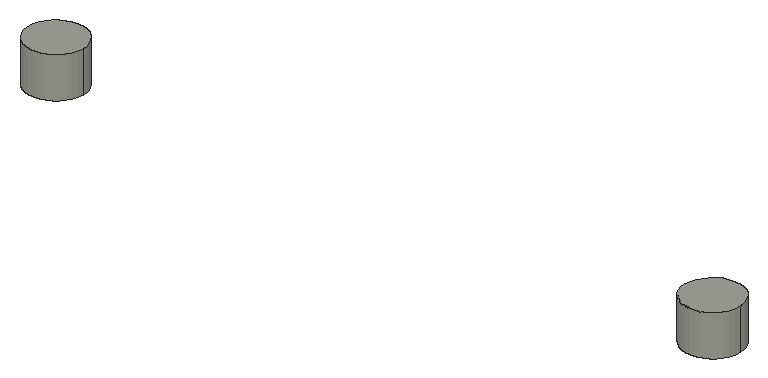
Revit family "Deca_Assento poliéster com protekto_Monte Carlo_AP.81", category Plumbing Fixtures, host Face, Revit 2019
Family settings
  Host = Face
  Round Connector Dimension = Use Diameter
  Part Type = Normal
  Cut with Voids When Loaded = No
  Shared = No
  Room Calculation Point = No
Parameters (values of type "AP.81.17_Branco")
  Vazão na Pressão mín. (L/min) = "-"
  Vazão na Pressão máx. (L/min) = "-"
  URL = "www.deca.com.br"
  Tipo de rosca de saída = "-"
  Tipo de rosca de entrada = "-"
  Tipo de mecanismo utilizado = "-"
  Tipo de dispositivo economizador = "-"
  Segmento = "Banheiro Médio"
  Saída de Esgoto = "-"
  Pressão mín. funcionamento = "-"
  Pressão mín. Aquec. Passagem = "-"
  Pressão mín. Aquec. Acúmulo = "-"
  Pressão máx. funcionamento = "-"
  Peso Líquido (Kg) = 3.8
  Norma = "NBR-16729"
  Model = "AP.81.17"
  Material Secundário = Deca_Ligas de Cobre (Bronze e Latão)
  Material = Deca_Plástico - Branco
  Manufacturer = "Deca"
  Linha = "Assento Poliéster Médio"
  Itens de Instalação = "-"
  Informações Complementares = "-"
  Description = "Assento poliéster com Protekto"
  Default Elevation = 0.00 m
  Código Pai = "AP.81"
  Criado por = "quattroD"
  Cores Componente = "Cromado"
  Cor Secundária = "-"
  Cor Principal = "Branco"
  Cor Interna = "-"
  Consumo = "-"
  Composição Componente = "Não Possui"
  Composição Básica = "Resina Poliéster"
  Composição Assento = "-"
  Composição Anel Vedação = "-"
  Categoria = "ASSENTOS"
  Atendimento ao Cliente = "0800-0117073"
  Aprovado por = "quattroD"
  Acompanha o Produto = "FIXAÇÃO ASSENTO  (FERRAGEM C/AMORTECEDOR )"
Types (3, lengths in m): name | Model | Material | Cor Principal
  AP.81.17_Branco | "AP.81.17" | Deca_Plástico - Branco | "Branco"
  AP.81.37_Creme | "AP.81.37" | Deca_Plástico - Creme | "Creme"
  AP.81.95_Ébano | "AP.81.95" | Deca_Plástico - Ébano | "Ébano"
Reference planes (m)
  plane 1 "Center (Front/Back)": y = 0
  plane 2: z = 0
  plane 3 "Center (Left/Right)": x = 0
Forms (m)
  Extrusion 1, solid, material "Deca_Plástico - Branco" <- "Material"
    sketch origin (0, 0, 0) x (1, 0, 0) y (0, 1, 0)
      loop
        circle (-0.076535, 0) r 0.006464
      loop
        circle (0.076442, 0) r 0.006477
    from 0.009611 to -0.000002
Lines and regions (m)
  Masking region 1
    outline origin (0, 0, 0) x (1, 0, 0) y (0, 1, 0)
      loop
        arc (0.134064, -0.378473) -> (0.169898, -0.241624) -> (0.17492, -0.10025) r 0.642597
        arc (0.17492, -0.10025) -> (0.15403, -0.057923) -> (0.10992, -0.041119) r 0.06457
        line (0.10992, -0.041119) -> (0.096776, -0.041119) -> (0.096776, -0.019523) -> (0.082824, -0.019523) -> (0.082824, 0.002987)
        arc (0.082824, 0.002987) -> (0.072819, 0.012991) -> (0.062815, 0.002987) r 0.010004
        line (0.062815, 0.002987) -> (0.062815, -0.019523) -> (0.048862, -0.019523) -> (0.048862, -0.041119) -> (-0.052577, -0.041119) -> (-0.052577, -0.019523) -> (-0.06653, -0.019523) -> (-0.06653, 0.002987)
        arc (-0.06653, 0.002987) -> (-0.076534, 0.012991) -> (-0.086538, 0.002987) r 0.010004
        line (-0.086538, 0.002987) -> (-0.086538, -0.019523) -> (-0.100491, -0.019523) -> (-0.100491, -0.041119) -> (-0.113635, -0.041119)
        arc (-0.113635, -0.041119) -> (-0.157745, -0.057923) -> (-0.178635, -0.10025) r 0.06457
        arc (-0.178635, -0.10025) -> (-0.173613, -0.241626) -> (-0.137778, -0.378476) r 0.642597
        arc (-0.137778, -0.378476) -> (-0.115311, -0.411476) -> (-0.080476, -0.430979) r 0.08706
        arc (-0.080476, -0.430979) -> (-0.041555, -0.43927) -> (-0.001857, -0.442049) r 0.284477
        arc (-0.001857, -0.442049) -> (0.037851, -0.439274) -> (0.076783, -0.430978) r 0.28423
        arc (0.076783, -0.430978) -> (0.111597, -0.41146) -> (0.134064, -0.378473) r 0.087183
  Masking region 2
    outline origin (0, 0, 0) x (1, 0, 0) y (0, 0, 1)
      loop
        line (0.0899, 0) -> (0.0899, 0.006923) -> (0.183806, 0.006923) -> (0.181698, 0.016834)
        arc (0.181698, 0.016834) -> (0.179825, 0.02005) -> (0.176408, 0.021526) r 0.005955
        line (0.176408, 0.021526) -> (-0.165953, 0.021526)
        arc (-0.165953, 0.021526) -> (-0.169369, 0.02005) -> (-0.171242, 0.016834) r 0.005955
        line (-0.171242, 0.016834) -> (-0.173351, 0.006923) -> (-0.079444, 0.006923) -> (-0.079444, 0) -> (-0.059517, 0) -> (-0.059517, 0.006923) -> (0.069973, 0.006923) -> (0.069973, 0) -> (0.0899, 0)
      loop
        line (0.178816, 0.028625) -> (0.177024, 0.037042)
        arc (0.177024, 0.037042) -> (0.174772, 0.040863) -> (0.170676, 0.04256) r 0.006991
        line (0.170676, 0.04256) -> (-0.15975, 0.04256)
        arc (-0.15975, 0.04256) -> (-0.16415, 0.041018) -> (-0.166586, 0.037042) r 0.006952
        line (-0.166586, 0.037042) -> (-0.16836, 0.028625) -> (0.178816, 0.028625)
  Masking region 3
    outline origin (0, 0, 0) x (0, 1, 0) y (0, 0, 1)
      loop
        arc (0.011844, 0) -> (0.012758, 0.000914) -> (0.011844, 0.001828) r 0.000914
        line (0.011844, 0.001828) -> (0.005711, 0.00193) -> (0.005711, 0.009454)
        arc (0.005711, 0.009454) -> (-0.000615, 0.012208) -> (-0.006941, 0.009454) r 0.008642
        line (-0.006941, 0.009454) -> (-0.006941, 0.002153) -> (-0.011317, 0.002232)
        arc (-0.011317, 0.002232) -> (-0.017134, 0.004299) -> (-0.02053, 0.009454) r 0.009712
        arc (-0.02053, 0.009454) -> (-0.020978, 0.011191) -> (-0.021403, 0.012933) r 0.136614
        arc (-0.021403, 0.012933) -> (-0.020234, 0.01789) -> (-0.023101, 0.022098) r 0.006317
        line (-0.023101, 0.022098) -> (-0.033371, 0.027559)
        arc (-0.033371, 0.027559) -> (-0.037448, 0.028883) -> (-0.041731, 0.028734) r 0.012342
        line (-0.041731, 0.028734) -> (-0.04198, 0.03583)
        arc (-0.04198, 0.03583) -> (-0.043951, 0.040589) -> (-0.04871, 0.04256) r 0.00673
        line (-0.04871, 0.04256) -> (-0.426515, 0.04256)
        arc (-0.426515, 0.04256) -> (-0.431973, 0.041079) -> (-0.435934, 0.037042) r 0.010798
        line (-0.435934, 0.037042) -> (-0.442338, 0.006906) -> (-0.0844, 0.006906) -> (-0.0844, 0.004376) -> (-0.040574, 0.004376)
        arc (-0.040574, 0.004376) -> (-0.032801, 0.00575) -> (-0.02597, 0.009708) r 0.022665
        line (-0.02597, 0.009708) -> (-0.020718, 0.004006)
        arc (-0.020718, 0.004006) -> (-0.016569, 0.001046) -> (-0.01158, 0) r 0.012423
        line (-0.01158, 0) -> (0.011844, 0)
      loop
        circle (-0.026518, 0.016722) r 0.003887
  symbolic lines
    curve 1: line (-0.001857, -0.04119, 0) -> (-0.108381, -0.04119, 0)
    curve 2: line (0.048862, -0.041119, 0) -> (-0.052577, -0.041119, 0)
    curve 3: line (0.104666, -0.04119, 0) -> (-0.001857, -0.04119, 0)
    curve 4: circle (-0.076843, 0.000036, 0) r 0.006631 normal (0, 0, 1)
    curve 5: circle (0.073129, 0.000036, 0) r 0.006631 normal (0, 0, -1)
    curve 6: line (-0.086538, -0.019523, 0) -> (-0.086538, -0.04119, 0)
    curve 7: line (-0.06653, -0.019523, 0) -> (-0.06653, -0.04119, 0)
    curve 8: line (0.082824, -0.019523, 0) -> (0.082824, -0.04119, 0)
    curve 9: line (0.062815, -0.019523, 0) -> (0.062815, -0.04119, 0)
    curve 10: line (0.183806, 0, 0.006923) -> (-0.173351, 0, 0.006923)
    curve 11: arc (0, -0.022631, 0.016722) -> (0, -0.026518, 0.012835) -> (0, -0.030405, 0.016722) r 0.003887
    curve 12: arc (0, -0.030405, 0.016722) -> (0, -0.026518, 0.020609) -> (0, -0.022631, 0.016722) r 0.003887
    curve 13: arc (0, -0.024075, 0.022616) -> (0, -0.029981, 0.022056) -> (0, -0.032895, 0.016888) r 0.006406
    curve 14: arc (0, -0.021403, 0.012933) -> (0, -0.023558, 0.011139) -> (0, -0.02597, 0.009708) r 0.017659
    curve 15: line (0, -0.041822, 0.028608) -> (0, -0.437726, 0.028608)
    curve 16: line (0, -0.084409, 0.028608) -> (0, -0.084409, 0.026077)
    curve 17: line (0, -0.047797, 0.021632) -> (0, -0.435095, 0.021632)
    curve 18: line (0, -0.440319, 0.016407) -> (0, -0.442338, 0.006906)
    curve 19: arc (0, -0.435095, 0.021632) -> (0, -0.438789, 0.020101) -> (0, -0.440319, 0.016407) r 0.005224
    curve 20: line (0, -0.437726, 0.028608) -> (0, -0.435934, 0.037042)
    curve 21: arc (0, -0.040574, 0.007134) -> (0, -0.035211, 0.009403) -> (0, -0.032931, 0.014761) r 0.007769
    curve 22: arc (0, -0.040733, 0.026077) -> (0, -0.035335, 0.023906) -> (0, -0.032966, 0.018592) r 0.007756
    curve 23: line (0, -0.041735, 0.007128) -> (0, -0.042033, 0.015868)
    curve 24: arc (0, -0.042033, 0.015868) -> (0, -0.043721, 0.019943) -> (0, -0.047797, 0.021632) r 0.005764
    curve 25: line (0, -0.040574, 0.007134) -> (0, -0.0844, 0.006906)
    curve 26: line (0, -0.040733, 0.026077) -> (0, -0.084409, 0.026077)
    curve 27: line (0, -0.032931, 0.014761) -> (0, -0.032966, 0.018592)
Dimensions and locks (m)
  aligned and locked: plane 2 to host face
  aligned and locked: level to host face
